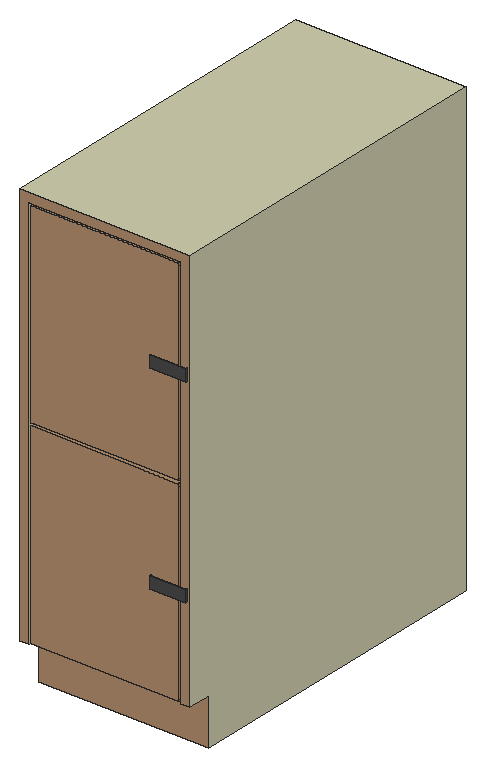
Revit family "Cabinet_Wenger_UltraStor_56", category Furniture, Revit 2015
Parameters (values of type "UltraStor Cabinet #56 - Comp Wood Doors")
  URL = "https://www.wengercorp.com/"
  Type Comments = ""
  Specification = "http://www.arcat.com/sdspecs/htm04/12_35_83wen.htm"
  Shelf Thickness = 0' - 1 1/8"
  Sales Information = "https://www.wengercorp.com/contact-us.php"
  Revision = "R1_2018-04"
  Rear Panel Thickness = 0' - 0 3/4"
  Product Data = "http://www.arcat.com/arcatcos/cos36/arc36487.html"
  Manufacturer Website = "https://www.wengercorp.com/"
  Manufacturer Phone - Toll Free = "800-4WENGER"
  Manufacturer Phone = "(507) 455-4100"
  Manufacturer Fax = "(507) 455-4258"
  Manufacturer Address = "555 Park Dr., Owatonna, MN 55060"
  Keynote = "12 35 83"
  HasDoors = yes
  Green Building-LEED = "http://www.arcat.com/green/clients/leed_data_36487.html"
  Drawn By = "Sumex Design, Inc. / Robert S. Weygant, CSI, CDT, SCIP"
  Door Width = (Cabinet Width - 0' 1 1/2")  # 1' - 0 7/8"
  Door Style = Door_Base : Solid Door
  Door Material [instance] = Wenger Cherry (Use Cherry Edge Band Only)
  Door Height = (Cabinet Height - 0' 4 3/4") / 2  # 1' - 4 25/32"
  Toe Kick Material [instance] = Wenger Cherry (Use Cherry Edge Band Only)
  RH End Panel [instance] = no
  Model = "#56"
  Manufacturer = "Wenger Corporation"
  LH End Panel [instance] = no
  End Panel Material [instance] = Wenger Cherry (Use Cherry Edge Band Only)
  Edge Banding Material [instance] = Wenger Cherry (Use Cherry Edge Band Only)
  Cost = 0
  Copyright = "© 2018 Arcat Inc."
  Construction Details = "http://www.arcat.com/details/wengerco/wengerco.html?coid=36487"
  Body Material [instance] = Wenger - Oyster
  Description = "Wenger UltraStor Cabinet #56 - Comp Wood Doors"
  Cabinet Width = 1' - 2 3/8"
  Cabinet Height = 3' - 2 5/16"
  Installed Depth = 2' - 5 1/4"
  Cabinet Panel Thickness = 0' - 0 3/4"
  Assembly Code = "E2010200"
Types (14): name | Rear Panel Thickness | HasDoors | Door Width | Door Style | Door Material | Model | Description | Cabinet Width | Installed Depth
  Acoustic Cabinet #56 - No Doors | 0' - 3 1/4" | no | 1' - 0 7/8" | Door_Base : Solid Door | none | "#56A" | "Wenger Acoustic Cabinet #56 - No Doors" | 1' - 2 3/8" | 2' - 7 3/4"
  Narrow Acoustic Cabinet #56 - No Doors | 0' - 3 1/4" | no | 0' - 9 7/8" | Door_Base : Solid Door | none | "#56NA" | "Wenger Narrow Acoustic Cabinet #56 - No Doors" | 0' - 11 3/8" | 2' - 7 3/4"
  Acoustic Cabinet #56 - Comp Grille Doors | 0' - 3 1/4" | yes | 1' - 0 7/8" | Door_Base : Bars | Painted Black | "#56A" | "Wenger Acoustic Cabinet #56 - Comp Grille Doors" | 1' - 2 3/8" | 2' - 7 3/4"
  Acoustic Cabinet #56 - Comp Waterfall Grille Doors | 0' - 3 1/4" | yes | 1' - 0 7/8" | Door_Base : Waterfall | Painted Black | "#56A" | "Wenger Acoustic Cabinet #56 - Comp Waterfall Grille Doors" | 1' - 2 3/8" | 2' - 7 3/4"
  Narrow Acoustic Cabinet #56 - Comp Grille Doors | 0' - 3 1/4" | yes | 0' - 9 7/8" | Door_Base : Bars | Painted Black | "#56NA" | "Wenger Narrow Acoustic Cabinet #56 - Comp Grille Doors" | 0' - 11 3/8" | 2' - 7 3/4"
  Narrow Acoustic Cabinet #56 - Comp Waterfall Grille Doors | 0' - 3 1/4" | yes | 0' - 9 7/8" | Door_Base : Waterfall | Painted Black | "#56NA" | "Wenger Narrow Acoustic Cabinet #56 - Comp Waterfall Grille Doors" | 0' - 11 3/8" | 2' - 7 3/4"
  UltraStor Cabinet #56 - No Doors | 0' - 0 3/4" | no | 1' - 0 7/8" | Door_Base : Solid Door | none | "#56" | "Wenger UltraStor Cabinet #56 - No Doors" | 1' - 2 3/8" | 2' - 5 1/4"
  Narrow UltraStor Cabinet #56 - Comp Waterfall Grille Doors | 0' - 0 3/4" | yes | 0' - 9 7/8" | Door_Base : Waterfall | Painted Black | "#56N" | "Wenger Narrow Cabinet #56 - Comp Waterfall Grille Doors" | 0' - 11 3/8" | 2' - 5 1/4"
  UltraStor Cabinet #56 - Comp Wood Doors | 0' - 0 3/4" | yes | 1' - 0 7/8" | Door_Base : Solid Door | Wenger Cherry (Use Cherry Edge Band Only) | "#56" | "Wenger UltraStor Cabinet #56 - Comp Wood Doors" | 1' - 2 3/8" | 2' - 5 1/4"
  UltraStor Cabinet #56 - Comp Waterfall Grille Doors | 0' - 0 3/4" | yes | 1' - 0 7/8" | Door_Base : Waterfall | Painted Black | "#56" | "Wenger UltraStor Cabinet #56 - Comp Waterfall Grille Doors" | 1' - 2 3/8" | 2' - 5 1/4"
  Narrow UltraStor Cabinet #56 - Comp Wood Doors | 0' - 0 3/4" | yes | 0' - 9 7/8" | Door_Base : Solid Door | Wenger Cherry (Use Cherry Edge Band Only) | "#56N" | "Wenger Narrow Cabinet #56 - Comp Wood Doors" | 0' - 11 3/8" | 2' - 5 1/4"
  Narrow UltraStor Cabinet #56 - Comp Grille Doors | 0' - 0 3/4" | yes | 0' - 9 7/8" | Door_Base : Bars | Painted Black | "#56N" | "Wenger Narrow Cabinet #56 - Comp Grille Doors" | 0' - 11 3/8" | 2' - 5 1/4"
  UltraStor Cabinet #56 - Comp Grille Doors | 0' - 0 3/4" | yes | 1' - 0 7/8" | Door_Base : Bars | Painted Black | "#56" | "Wenger UltraStor Cabinet #56 - Comp Grille Doors" | 1' - 2 3/8" | 2' - 5 1/4"
  Narrow UltraStor Cabinet #56 - No Doors | 0' - 0 3/4" | no | 0' - 9 7/8" | Door_Base : Solid Door | none | "#56N" | "Wenger Narrow Cabinet #56 - No Doors" | 0' - 11 3/8" | 2' - 5 1/4"
Reference planes (in)
  plane 1 "Front": y = 0
  plane 2: z = 0
  plane 3 "Left": x = 0
  plane 4 "Right": x = 14.375
  plane 5 "Back": y = 29.25
  plane 6 "Top": z = 38.3125
  plane 7: z = 4
  plane 8: z = 20.78125
  plane 9: x = 0.75
  plane 10: x = 13.625
  plane 11: z = 37.5625
  plane 12: x = 13.625
  plane 13: x = 0.75
  plane 14: y = 28.5
  plane 15: y = 2
  plane 16: y = 0.75
  plane 17: z = 21.90625
  plane 18: z = 5.125
Forms (in)
  Extrusion 1, solid, material "Wenger - Oyster" <- "Body Material"
    sketch origin (0, 0, 0) x (0, 1, 0) y (0, 0, 1)
      loop
        line (0, 38.3125) -> (0, 4) -> (2, 4) -> (2, 0) -> (29.25, 0) -> (29.25, 38.3125) -> (0, 38.3125)
    from 0 to 14.375
  Extrusion 2, void
    sketch origin (0, 0, 0) x (0, 1, 0) y (0, 0, 1)
      loop
        line (0, 37.5625) -> (0, 4) -> (0.75, 4)
        arc (0.75, 4) -> (1.15915, 4.80234) -> (2, 5.125) r 1.25694
        line (2, 5.125) -> (28.5, 5.125) -> (28.5, 20.78125) -> (0.75, 20.78125)
        arc (0.75, 20.78125) -> (1.15915, 21.58359) -> (2, 21.90625) r 1.25694
        line (2, 21.90625) -> (28.5, 21.90625) -> (28.5, 37.5625) -> (0, 37.5625)
    from 0.75 to 13.625
  Extrusion 3, void
    sketch origin (0, 0, 0) x (0, 1, 0) y (0, 0, 1)
      loop
        line (0, 37.5625) -> (0, 4) -> (0.0625, 4) -> (0.0625, 37.5625) -> (0, 37.5625)
    from 0.75 to 13.625
Cuts and joins
  Extrusion 2, Extrusion 3 cuts Extrusion 1
Lines and regions (in)
  Masking region 1
    outline origin (0, 0, 0) x (1, 0, 0) y (0, 1, 0)
      loop
        line (0, 29.25) -> (0, 0) -> (14.375, 0) -> (14.375, 29.25) -> (0, 29.25)
Dimensions and locks (in)
  "Cabinet Panel Thickness": plane 3 "Left" to plane 9
  "Cabinet Panel Thickness": plane 10 to plane 4 "Right"
  "Cabinet Panel Thickness": plane 5 "Back" to plane 14
  locked: plane 1 "Front" to plane 16 at 0.75
  locked: plane 1 "Front" to plane 15 at 2
  "Shelf Thickness": plane 17 to plane 8
  "Cabinet Panel Thickness": plane 6 "Top" to plane 11
  equal spacing: plane 11, plane 8, plane 7
  "Shelf Thickness": plane 18 to plane 7
  "Cabinet Width": plane 3 "Left" to plane 4 "Right"
  locked: plane 7 to level at 4
  "Cabinet Height": plane 6 "Top" to level
  "Installed Depth": plane 1 "Front" to plane 5 "Back"
  "Door Width": plane 12 to plane 9
  "Door Width": plane 10 to plane 13
  plane 3 "Left" to plane 4 "Right" = 1' - 2 3/8"
  equal spacing: plane 5 "Back", nested 2, plane 1 "Front"
  equal spacing: plane 13, nested 2, plane 12
  aligned and locked: Extrusion 1 sketch curve to plane 6 "Top"
  aligned and locked: Extrusion 1 sketch curve to plane 5 "Back"
  aligned and locked: Extrusion 1 sketch curve to plane 1 "Front"
  aligned and locked: Extrusion 1 sketch curve to plane 7
  aligned and locked: Extrusion 1 sketch curve to plane 15
  aligned and locked: Extrusion 1 sketch curve to level
  aligned and locked: Extrusion 1 to plane 4 "Right"
  aligned and locked: Extrusion 1 to plane 3 "Left"
  aligned and locked: Extrusion 2 sketch curve to plane 11
  aligned and locked: Extrusion 2 sketch curve to plane 14
  aligned and locked: Extrusion 2 sketch curve to plane 8
  aligned and locked: Extrusion 2 sketch curve to plane 18
  aligned and locked: Extrusion 2 sketch curve to plane 17
  aligned and locked: Extrusion 2 to plane 9
  aligned and locked: Extrusion 3 sketch curve to cut or joined group of Extrusion 1, Extrusion 2, Extrusion 3  (x3)
  aligned and locked: Extrusion 3 to plane 10
  aligned and locked: Extrusion 3 to plane 9
  aligned and locked: nested 3 to plane 9
  aligned and locked: plane 12 to nested 3
  aligned and locked: nested 3 to plane 8
  aligned and locked: plane 8 to cut or joined group of Extrusion 1, Extrusion 2, Extrusion 3
  aligned and locked: plane 12 to nested 4
  aligned and locked: nested 4 to plane 9
  aligned and locked: plane 7 to cut or joined group of Extrusion 1, Extrusion 2, Extrusion 3
  aligned and locked: nested 4 to plane 7
  aligned and locked: plane 16 to Extrusion 2 sketch curve  (x2)
  aligned and locked: plane 1 "Front" to nested 5
  aligned and locked: nested 5 to level
  aligned and locked: nested 5 to plane 4 "Right"
  aligned and locked: Masking region 1 sketch curve to plane 5 "Back"
  aligned and locked: Masking region 1 sketch curve to plane 1 "Front"
  aligned and locked: plane 3 "Left" to Masking region 1 sketch curve
  aligned and locked: plane 4 "Right" to Masking region 1 sketch curve
  aligned and locked: cut or joined group of Extrusion 1, Extrusion 2, Extrusion 3 to plane 10
  aligned and locked: plane 1 "Front" to Extrusion 2 sketch curve
Automatic sketch dimensions
  plane 16 to Extrusion 3 sketch curve = 0' - 0 11/16"
  Extrusion 2 sketch curve to plane 15 = 0' - 0"  (x2)
  Extrusion 2 sketch curve to plane 14 = 0' - 0"
  Extrusion 2 sketch curve to plane 7 = 0' - 0"
Nested families (in)
  nested 1: "End Panel" at (0, 14.25, 0) x (0, -1, 0) z (0, 0, 1), End Panel Material <- "End Panel Material", visible <- "LH End Panel", Edge Banding Material <- "Edge Banding Material", type "End Panel"
    with End Panel Material Wenger Cherry (Use Cherry Edge Band Only), Edge Banding Material Wenger Cherry (Use Cherry Edge Band Only), End Panel Height 3' - 2 5/16", End Panel Depth 2' - 5 1/4"
  nested 2: "Labels" at (7.1875, 14.625, 0), type "Labels"
  nested 3: "Door_Base" at (7.1875, 0, 20.78125) x (1, 0, 0) z (0, -1, 0), type <- "Door Style", Height <- "Door Height", Width <- "Door Width", visible <- "HasDoors", type "Solid Door", detail levels medium+fine
    with vBars 11, Width 1' - 0 7/8", ToeKick Height 0' - 4", MidBar no, Height 1' - 4 25/32", BarHt 1' - 4 9/32", 2HzBars no
  nested 4: "Door_Base" at (7.1875, 0, 4) x (1, 0, 0) z (0, -1, 0), type <- "Door Style", Height <- "Door Height", Width <- "Door Width", visible <- "HasDoors", type "Solid Door", detail levels medium+fine
    with vBars 11, Width 1' - 0 7/8", ToeKick Height 0' - 4", MidBar no, Height 1' - 4 25/32", BarHt 1' - 4 9/32", 2HzBars no
  nested 5: "End Panel" at (15.125, 14.25, 0) x (0, -1, 0) z (0, 0, 1), End Panel Material <- "End Panel Material", Edge Banding Material <- "Edge Banding Material", visible <- "RH End Panel", type "End Panel"
    with End Panel Material Wenger Cherry (Use Cherry Edge Band Only), Edge Banding Material Wenger Cherry (Use Cherry Edge Band Only), End Panel Height 3' - 2 5/16", End Panel Depth 2' - 5 1/4"
Definition of nested family "End Panel"
  Parameters (values of type "End Panel")
    End Panel Material [instance] = none
    End Panel Height = 7' - 1 5/8"
    End Panel Depth = 1' - 9 3/4"
    Edge Banding Material [instance] = none
    Default Elevation = 4' - 0"
    Assembly Code = ""
  Reference planes (in)
    plane 1 "Center (Front/Back)": y = 0
    plane 2: z = 0
    plane 3 "Center (Left/Right)": x = 0
    plane 4: x = -15
    plane 5: x = 6.75
    plane 6: z = 4
    plane 7: x = 4.75
    plane 8: z = 85.625
    plane 9: y = -0.75
  Forms (in)
    Extrusion 1, solid, material <- "End Panel Material"
      sketch origin (0, 0, 0) x (1, 0, 0) y (0, 0, 1)
        loop
          line (-15, 85.625) -> (-15, 0) -> (4.75, 0) -> (4.75, 4) -> (6.75, 4) -> (6.75, 85.625) -> (-15, 85.625)
      from 0 to 0.75
  Lines and regions (in)
    Masking region 1, detail levels coarse+medium
      outline origin (0, 0, 0) x (1, 0, 0) y (0, 1, 0)
        loop
          line (-15, 0) -> (-15, -0.75) -> (6.75, -0.75) -> (6.75, 0) -> (-15, 0)
  Dimensions and locks (in)
    locked: plane 7 to plane 5 at 2
    locked: plane 6 to level at 4
    "End Panel Height": plane 8 to level
    "End Panel Depth": plane 5 to plane 4
    locked: plane 9 to plane 1 "Center (Front/Back)" at 0.75
    aligned and locked: plane 4 to Extrusion 1 sketch curve
    aligned and locked: level to Extrusion 1 sketch curve
    aligned and locked: plane 7 to Extrusion 1 sketch curve
    aligned and locked: plane 6 to Extrusion 1 sketch curve
    aligned and locked: Extrusion 1 sketch curve to plane 5
    aligned and locked: Extrusion 1 sketch curve to plane 8
    aligned and locked: Extrusion 1 to plane 9
    aligned and locked: Extrusion 1 to plane 1 "Center (Front/Back)"
    aligned and locked: plane 4 to Masking region 1 sketch curve
    aligned and locked: Masking region 1 sketch curve to plane 5
    aligned and locked: plane 1 "Center (Front/Back)" to Masking region 1 sketch curve
    aligned and locked: plane 9 to Masking region 1 sketch curve
Definition of nested family "Door_Base"
  Parameters (values of type "None")
    vBars [instance] = (Width - 0' 2") / 0' 1"  # 6
    Width [instance] = 0' - 8"
    ToeKick Height [instance] = 0' - 4"
    Thickness = 0' - 0 3/4"
    Solid Door = no
    Shelf Thickness = 0' - 0 3/4"
    Panel Thickness = 0' - 0 3/4"
    MidBar [instance] = and(Height < 1' 6", HasDoor, not(Solid Door))  # no
    Height [instance] = 1' - 2 5/8"
    HasDoor = no
    Edge Banding = none
    DoorGap = 0' - 0 1/8"
    Door Finish = none
    Depth = 2' - 0"
    Default Elevation = 4' - 0"
    Bars = no
    BarStyle = Bars : Waterfall
    BarHt [instance] = Height - 0' 0 1/2"  # 1' - 2 1/8"
    2HzBars [instance] = and(Height > 1' 6", not(Solid Door))  # no
  Types (4): name | Thickness | Solid Door | MidBar | HasDoor | Bars | BarStyle
    Solid Door | 0' - 0 3/4" | yes | no | yes | no | Bars : Waterfall
    Bars | 0' - 0 1/4" | no | yes | yes | yes | Bars : Straight
    Waterfall | 0' - 0 3/4" | no | yes | yes | yes | Bars : Waterfall
    None | 0' - 0 3/4" | no | no | no | no | Bars : Waterfall
  Reference planes (in)
    plane 1 "Center (Front/Back)": y = 0
    plane 2: z = 0
    plane 3 "Center (Left/Right)": x = 0
    plane 4: x = -4
    plane 5: y = 14.625
    plane 6: x = 4
    plane 7: z = -0.75
    plane 8: x = -3.875
    plane 9: x = 3.875
    plane 10: y = 0.125
    plane 11: y = 14.5
    plane 12: y = -0.75
    plane 13 "CL Elev": y = 7.3125
    plane 14: x = -3.75
    plane 15: x = 3.75
    plane 16 "BtmRail": y = 0.25
    plane 17: y = 14.375
    plane 18: z = -0.125
    plane 19: x = -2.75
    plane 20: x = 2.75
    plane 21: y = 9.66667
    plane 22: y = 4.95833
  Forms (in)
    Extrusion 1, solid, material <- "Door Finish", visible <- "Solid Door", detail levels medium+fine
      sketch origin (0, 0, 0) x (1, 0, 0) y (0, 1, 0)
        loop
          arc (-3.75, 14.5) -> (-3.83839, 14.46339) -> (-3.875, 14.375) r 0.125
          line (-3.875, 14.375) -> (-3.875, 0.25)
          arc (-3.875, 0.25) -> (-3.83839, 0.16161) -> (-3.75, 0.125) r 0.125
          line (-3.75, 0.125) -> (3.75, 0.125)
          arc (3.75, 0.125) -> (3.83839, 0.16161) -> (3.875, 0.25) r 0.125
          line (3.875, 0.25) -> (3.875, 14.375)
          arc (3.875, 14.375) -> (3.83839, 14.46339) -> (3.75, 14.5) r 0.125
          line (3.75, 14.5) -> (-3.75, 14.5)
      from 0 to -0.75
    Sweep 2, solid, material <- "Door Finish", visible <- "Bars", detail levels medium+fine
      path origin (0, 0, 0) x (1, 0, 0) y (0, 1, 0)
        loop
          arc (-3.125, 14.5) -> (-3.65533, 14.28033) -> (-3.875, 13.75) r 0.75
          line (-3.875, 13.75) -> (-3.875, 0.875)
          arc (-3.875, 0.875) -> (-3.65533, 0.34467) -> (-3.125, 0.125) r 0.75
          line (-3.125, 0.125) -> (3.125, 0.125)
          arc (3.125, 0.125) -> (3.65533, 0.34467) -> (3.875, 0.875) r 0.75
          line (3.875, 0.875) -> (3.875, 13.75)
          arc (3.875, 13.75) -> (3.65533, 14.28033) -> (3.125, 14.5) r 0.75
          line (3.125, 14.5) -> (-3.125, 14.5)
      profile origin (0, 14.5, 0) x (0, 1, 0) y (0, 0, 1)
        loop
          circle (-0.125, -0.125) r 0.125
    Extrusion 3, solid, material <- "Door Finish", visible <- "MidBar", detail levels medium+fine
      sketch origin (0, 0, 0) x (0, 1, 0) y (0, 0, 1)
        loop
          circle (7.3125, -0.125) r 0.125
      from -3.75 to 3.75
    Extrusion 4, solid, visible <- "HasDoor", detail levels fine
      sketch origin (0, 0, 0) x (1, 0, 0) y (0, 1, 0)
        loop
          line (1.5, 7.8125) -> (1.5, 6.8125) -> (4.5, 6.8125) -> (4.5, 7.8125) -> (1.5, 7.8125)
      from 0 to 0.125
    Extrusion 5, solid, material <- "Door Finish", visible <- "2HzBars", detail levels medium+fine
      sketch origin (0, 0, 0) x (0, 1, 0) y (0, 0, 1)
        loop
          circle (9.66667, -0.125) r 0.125
        loop
          circle (4.95833, -0.125) r 0.125
      from -3.75 to 3.75
  Lines and regions (in)
    symbolic lines, visible <- "HasDoor", detail levels medium+fine
      curve 1: line (4, 0.25, 0) -> (-4, 0.25, 0)
      curve 2: line (-4, 0.25, 0) -> (-4, 0.25, 8)
      curve 3: arc (4, 0.25, 0) -> (1.65685, 0.25, 5.65685) -> (-4, 0.25, 8) r 8
    symbolic lines, visible <- "HasDoor"
      curve 4: line (3.875, 0.25, 0) -> (3.875, 0.25, -0.75)
      curve 5: line (3.875, 0.25, -0.75) -> (-3.875, 0.25, -0.75)
      curve 6: line (-3.875, 0.25, -0.75) -> (-3.875, 0.25, 0)
    symbolic lines, detail levels medium
      curve 7: line (3.875, 14.5, 0) -> (-3.875, 7.3125, 0)
      curve 8: line (-3.875, 7.3125, 0) -> (3.875, 0.125, 0)
  Dimensions and locks (in)
    "Height": plane 1 "Center (Front/Back)" to plane 5
    "Thickness": level to plane 7
    equal spacing: plane 4, plane 3 "Center (Left/Right)", plane 6
    "Width": plane 4 to plane 6
    "DoorGap": plane 5 to plane 11
    "DoorGap": plane 9 to plane 6
    "DoorGap": plane 4 to plane 8
    "DoorGap": plane 1 "Center (Front/Back)" to plane 10
    "Shelf Thickness": plane 1 "Center (Front/Back)" to plane 12
    equal spacing: plane 1 "Center (Front/Back)", plane 13 "CL Elev", plane 5
    locked: plane 15 to plane 9 at 0.125
    locked: plane 8 to plane 14 at 0.125
    locked: plane 11 to plane 17 at 0.125
    locked: plane 16 "BtmRail" to plane 10 at 0.125
    locked: level to plane 18 at 0.125
    plane 19 to plane 14 = 0' - 1"
    locked: plane 15 to plane 20 at 1
    Extrusion 4 sketch curve to plane 13 "CL Elev" to Extrusion 4 sketch curve = 0' - 0 1/2" locked, 0' - 0 1/2" locked
    locked: plane 6 to Extrusion 4 sketch curve at 0.5
    locked: Extrusion 4 sketch curve to plane 6 at 2.5
    locked: Extrusion 4 to level at 0.125
    equal spacing: group 1, group 3, group 4, group 5, group 6, group 2  (x3)
    equal spacing: plane 17, plane 21, plane 22, plane 16 "BtmRail"
    "Width": radius of curve 3
    aligned and locked: plane 2 to level
    aligned and locked: Extrusion 1 sketch curve to plane 11
    aligned and locked: plane 8 to Extrusion 1 sketch curve
    aligned and locked: Extrusion 1 sketch curve to plane 9
    aligned and locked: plane 10 to Extrusion 1 sketch curve
    aligned and locked: Extrusion 1 to plane 7
    aligned and locked: level to Extrusion 1
    aligned and locked: Sweep 2 sketch curve to plane 11
    aligned and locked: plane 8 to Sweep 2 sketch curve
    aligned and locked: plane 10 to Sweep 2 sketch curve
    aligned and locked: Sweep 2 sketch curve to plane 9
    aligned and locked: plane 15 to Extrusion 3
    aligned and locked: Extrusion 3 to plane 14
    aligned and locked: plane 20 to nested 2
    aligned and locked: plane 19 to nested 1
    aligned and locked: plane 21 to Extrusion 5 sketch curve
    aligned and locked: plane 18 to Extrusion 5 sketch curve  (x2)
    aligned and locked: plane 22 to Extrusion 5 sketch curve
    aligned and locked: Extrusion 5 to Extrusion 3  (x2)
    aligned and locked: plane 4 to curve 3  (x2)
    aligned and locked: level to curve 3
    aligned and locked: plane 7 to curve 5
    aligned and locked: Extrusion 1 to plane 8
    aligned and locked: plane 9 to Extrusion 1
    aligned and locked: plane 10 to curve 8
    aligned and locked: plane 9 to curve 8
    aligned and locked: plane 13 "CL Elev" to curve 8
    aligned and locked: plane 11 to curve 7
    aligned and locked: plane 9 to curve 7
  Automatic sketch dimensions
    plane 8 to Sweep 2 sketch curve = 0' - 0 3/4"  (x2)
    Sweep 2 sketch curve to plane 9 = 0' - 0 3/4"
    Sweep 2 sketch curve to Sweep 2 sketch curve = 0' - 0 3/4"
    Sweep 2 sketch curve to level = 0' - 0 1/8"
    profile plane to Sweep 2 sketch curve = 0' - 0 1/8"
    Extrusion 3 sketch curve to level = 0' - 0 1/8"
    Extrusion 3 sketch curve to plane 13 "CL Elev" = 0' - 0"
    curve 8 to plane 8 = 0' - 0"
    Extrusion 1 sketch curve to plane 14 = 0' - 0"  (x2)
    Extrusion 1 sketch curve to plane 15 = 0' - 0"  (x2)
    curve 5 to plane 9 = 0' - 0"
    curve 6 to plane 8 = 0' - 0"
    radius of Sweep 2 sketch curve = 0' - 0 1/8"
    radius of Extrusion 3 sketch curve = 0' - 0 1/8"
    radius of Extrusion 5 sketch curve = 0' - 0 1/8"  (x2)
  Nested families (in)
    nested 1: "Bars" at (-2.75, 0.25, -0.125) x (1, 0, 0) z (0, 1, 0), type <- "BarStyle", visible <- "Bars", type "Waterfall", detail levels fine
      with Lateral Deviation 0' - 1", Height 1' - 2 1/8"
    nested 2: "Bars" at (2.75, 0.25, -0.125) x (1, 0, 0) z (0, 1, 0), type <- "BarStyle", visible <- "Bars", type "Waterfall", detail levels fine
      with Lateral Deviation 0' - 1", Height 1' - 2 1/8"
    nested 3: "Bars" at (-1.65, 0.25, -0.125) x (1, 0, 0) z (0, 1, 0), type <- "BarStyle", visible <- "Bars", type "Waterfall", detail levels fine
      with Lateral Deviation 0' - 1", Height 1' - 2 1/8"
    nested 4: "Bars" at (-0.55, 0.25, -0.125) x (1, 0, 0) z (0, 1, 0), type <- "BarStyle", visible <- "Bars", type "Waterfall", detail levels fine
      with Lateral Deviation 0' - 1", Height 1' - 2 1/8"
    nested 5: "Bars" at (0.55, 0.25, -0.125) x (1, 0, 0) z (0, 1, 0), type <- "BarStyle", visible <- "Bars", type "Waterfall", detail levels fine
      with Lateral Deviation 0' - 1", Height 1' - 2 1/8"
    nested 6: "Bars" at (1.65, 0.25, -0.125) x (1, 0, 0) z (0, 1, 0), type <- "BarStyle", visible <- "Bars", type "Waterfall", detail levels fine
      with Lateral Deviation 0' - 1", Height 1' - 2 1/8"
  Definition of nested family "Bars"
    Parameters (values of type "Straight")
      WaterFall = no
      Straight = yes
      Lateral Deviation = 0' - 1 1/2"
      Height = 1' - 2 5/8"
      Default Elevation = 4' - 0"
      Bars = none
    Types (3): name | WaterFall | Straight
      (no name) | no | yes
      Waterfall | yes | no
      Straight | no | yes
    Reference planes (in)
      plane 1 "Center (Front/Back)": y = 0
      plane 2: z = 0
      plane 3 "Center (Left/Right)": x = 0
      plane 4: z = 14.625
      plane 5: z = 7.3125
      plane 6: x = 0.75
      plane 7: x = -0.75
      plane 8: z = 10.96875
      plane 9: z = 3.65625
    Forms (in)
      Sweep 1, solid, material <- "Bars", visible <- "WaterFall"
        path origin (0, 0, 0) x (1, 0, 0) y (0, 0, 1)
          loop
            arc (0, 0) -> (0.56057, 1.79006) -> (0.75, 3.65625) r 9.28711
            arc (0.75, 3.65625) -> (0.56057, 5.52244) -> (0, 7.3125) r 9.28711
        profile origin (0.56057, 0, 1.79006) x (-0.979603, 0, 0.200944) y (0, -1, 0)
          loop
            circle (0, 0) r 0.0625
      Sweep 2, solid, material <- "Bars", visible <- "WaterFall"
        path origin (0, 0, 14.625) x (-1, 0, 0) y (0, 0, -1)
          loop
            arc (0, 0) -> (0.56057, 1.79006) -> (0.75, 3.65625) r 9.28711
            arc (0.75, 3.65625) -> (0.56057, 5.52244) -> (0, 7.3125) r 9.28711
        profile origin (-0.56057, 0, 12.83494) x (0.979603, 0, -0.200944) y (0, -1, 0)
          loop
            circle (0, 0) r 0.0625
      Extrusion 3, solid, material <- "Bars", visible <- "Straight"
        sketch origin (0, 0, 0) x (1, 0, 0) y (0, 1, 0)
          loop
            circle (0, 0) r 0.0625
        from 0 to 14.625
    Dimensions and locks (in)
      "Height": plane 4 to level
      equal spacing: plane 6, plane 3 "Center (Left/Right)", plane 7
      "Lateral Deviation": plane 6 to plane 7
      equal spacing: plane 4, plane 8, plane 5, plane 9, level
      aligned and locked: plane 2 to level
      aligned and locked: plane 3 "Center (Left/Right)" to Sweep 1 sketch curve  (x2)
      aligned and locked: level to Sweep 1 sketch curve
      aligned and locked: plane 6 to Sweep 1 sketch curve
      aligned and locked: plane 9 to Sweep 1 sketch curve
      aligned and locked: plane 4 to Sweep 2 sketch curve
      aligned and locked: plane 3 "Center (Left/Right)" to Sweep 2 sketch curve  (x2)
      aligned and locked: plane 8 to Sweep 2 sketch curve
      aligned and locked: plane 7 to Sweep 2 sketch curve
      aligned and locked: plane 5 to Sweep 2 sketch curve
      aligned and locked: plane 4 to Extrusion 3
      aligned and locked: Extrusion 3 to level
    Automatic sketch dimensions
      plane 1 "Center (Front/Back)" to Sweep 1 sketch curve = 0' - 0"
      Sweep 1 sketch curve to profile plane = 0' - 0"
      Sweep 1 sketch curve to Sweep 1 sketch curve = 0' - 0"
      Sweep 2 sketch curve to plane 1 "Center (Front/Back)" = 0' - 0"
      Sweep 2 sketch curve to profile plane = 0' - 0"
      plane 1 "Center (Front/Back)" to Extrusion 3 sketch curve = 0' - 0"
      Extrusion 3 sketch curve to plane 3 "Center (Left/Right)" = 0' - 0"
      radius of Sweep 1 sketch curve = 0' - 0 1/16"
      radius of Sweep 2 sketch curve = 0' - 0 1/16"
      radius of Extrusion 3 sketch curve = 0' - 0 1/16"
Definition of nested family "Labels"
  Parameters
    Cabinet Label = "01"
  Reference planes (in)
    plane 1: y = 0
    plane 2: x = 0
  Text (in)
    label "xxxx" at (-0.00018, 0.00754, 0), shows "Cabinet Label"
